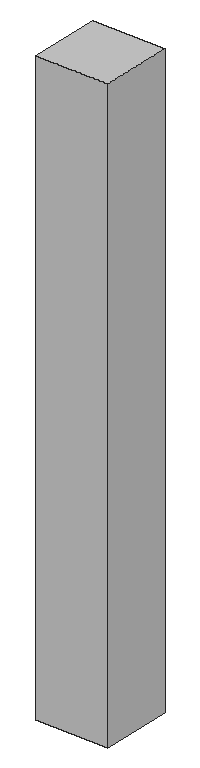
Revit family "550c5dede13e412b831efbed1907363a", category Pilares estructurales, Revit 2026
Family settings
  Mostrar en vistas ocultas = Bordes ocultos por otros elementos
  Forma de sección = Sin definir
  Material para comportamiento de modelo = Hormigón
  Exportar siempre como geometría = No
  Reducción de viga en plano = Desde cuadro de delimitación
  Corte con vacíos al cargar = No
  Representación simbólica = Desde familia
  Compartido = No
  Mostrar corte previo de familia en vistas de plano = Sí
Parameters (values of type "300 x 300")
  b = 300 mm
  Structural Material [instance] = Hormigón - Hormigón moldeado in situ
Types (5, lengths in mm): name | b
  (no name) | 300
  300 x 300 | 300
  450 x 450 | 450
  600 x 600 | 600
  750 x 750 | 750
Reference planes
  plane 1 "Centro (Frontal/Posterior)": y = 0
  plane 2: z = 0
  plane 3 "Centro (Izquierda/Derecha)": x = 0
  plane 4: x = -150
  plane 5: x = 150
  plane 6: y = 150
  plane 7: y = -150
Forms (mm)
  Extrusion 1, solid, material "Hormigón - Hormigón moldeado in situ" <- "Structural Material"
    sketch origin (0, 0, 0) x (1, 0, 0) y (0, 1, 0)
      loop
        line (-150, 150) -> (-150, -150) -> (150, -150) -> (150, 150) -> (-150, 150)
    from 0 to 2500
Dimensions and locks
  equal spacing: plane 4, plane 3 "Centro (Izquierda/Derecha)", plane 5
  equal spacing: plane 7, plane 1 "Centro (Frontal/Posterior)", plane 6
  "b": plane 7 to plane 6
  "b": plane 4 to plane 5
  aligned and locked: plane 6 to Extrusion 1 sketch curve
  aligned and locked: Extrusion 1 sketch curve to plane 7
  aligned and locked: Extrusion 1 sketch curve to plane 4
  aligned and locked: plane 5 to Extrusion 1 sketch curve
  aligned and locked: level to Extrusion 1
  aligned and locked: level to plane 2
  aligned and locked: Extrusion 1 to plane 2
